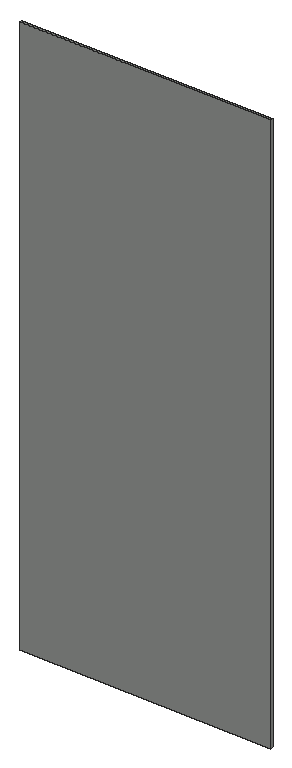
Revit family "Covering Surfaces 001", category Modelos genéricos, Revit 2020
Family settings
  Anfitrión = Muro
  Puede alojar armadura = No
  Cota de conector redondo = Diámetro de uso
  Tipo de pieza = Normal
  Siempre vertical = Sí
  Corte con vacíos al cargar = No
  Compartido = No
  Punto de cálculo de habitación = No
Parameters
  URL = "https://www.csiposhfelt.com/products/surfaces/covering-surfaces-001"
  Modelo = "Covering Surface 001"
  Fabricante = "CSI PoshFelt"
  Elevación por defecto = 0' - 0"
  Core Material = PSH002
Reference planes (in)
  plane 1: y = 0
  plane 2 "Center (Left/Right)": x = 0
  plane 3 "Wall Edge": y = 3
Forms (in)
  Extrusion 1, solid, material "PSH002" <- "Core Material"
    sketch origin (0, 3, 0) x (1, 0, 0) y (0, 0, 1)
      loop
        line (24, 108) -> (-24, 108) -> (-24, 0) -> (24, 0) -> (24, 108)
    from 0 to -0.5
Text (in)
  text "Placement Side" at (0, 40.15149, 123.01588), in view "Right"
  text "Placement Side" at (-70.3804, 28.46503, 0), in view "Ref. Level"
  text "Placement Side" at (0, 81.62555, 140.59947), in view "Left"
Dimensions and locks (in)
  locked: plane 3 "Wall Edge" to host wall
